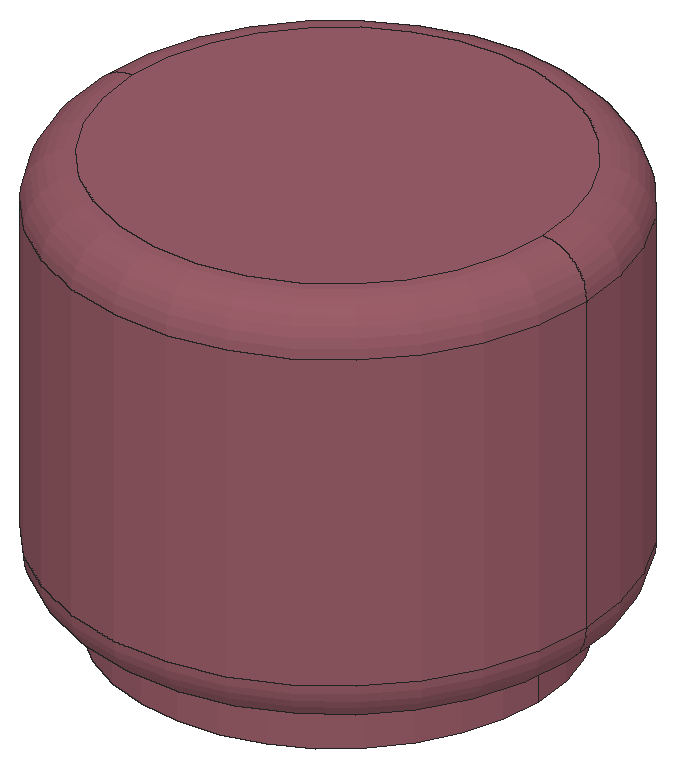
Revit family "FU_Chair_Sandler_Tablet 8-2", category Furniture, Revit 2020
Family settings
  OmniClass Number = 23.21.23.15.17
  Work Plane-Based = Yes
  Always vertical = No
  Cut with Voids When Loaded = No
  Shared = No
  Room Calculation Point = No
Parameters (values of type "TABLET 8.5")
  Youtube clip = ""
  Uniformat II Description = "Movable Furnishings"
  Uniformat II Code = ""
  Uniclass 2015 Name = ""
  Uniclass 2015 Code = ""
  Uniclass 2.0 Description = ""
  Uniclass 2.0 Code = ""
  Uniclass 1.4 Description = ""
  Uniclass 1.4 Code = ""
  UNSPSC Code = ""
  Technical description = ""
  Shell Material [instance] = Fabric - X2 - Subtract AK013
  Region South America = "All"
  Region Oceania = "All"
  Region North America = "All"
  Region Middle East = "All"
  Region Europe = "All"
  Region Asia = "All"
  Region Antarctica = "All"
  Region Africa = "All"
  QR code = "https://www.sandlerseating.com/product/tablet-8-5/"
  Product url = "https://www.sandlerseating.com/product/tablet-8-5/"
  Product name = "TABLET 8.5"
  Product group = "Chair"
  Product family = "Furniture"
  Product data url = "https://www.sandlerseating.com/product/tablet-8-5/"
  Product certification = ""
  Product SKU = "??"
  Product Guid = "??"
  OmniClass Description = ""
  OmniClass Code = "23-21 23 15 17"
  NBS Reference Description = ""
  NBS Reference Code = ""
  Model = "TABLET 8.5"
  Masterformat 2014 Description = "Chair Mats"
  Masterformat 2014 Code = "12 48 43.13"
  Manufacturer name = "Sandler"
  Manufacturer country = "USA"
  Manufacturer = "Sandler"
  Installation instructions = ""
  IFC Classification = "Furnishing Element"
  GTIN code = ""
  Edition number = 1
  Design country = "Brasil"
  Description = "Tablet ottoman with upholstered swivel plinth."
  Default Elevation = 0.000 mm
  Date of publishing = ""
  COBIe Type Category = ""
  Brand url = "https://www.sandlerseating.com/"
  BIMobject main category code = "furniture"
  BIMobject main category = "Furniture"
  BIMobject category code = "furniture-chair"
  BIMobject category = "Chair"
Reference planes
  plane 1 "Center Front/Back": y = 0
  plane 2: z = 0
  plane 3 "Center Left/Right": x = 0
  plane 4: z = 480
  plane 5: z = 45
  plane 6: x = -285
  plane 7: x = 285
  plane 8: y = 285
  plane 9: y = -285
Forms (mm)
  Extrusion 1, solid, material "Fabric - X2 - Subtract AK013" <- "Shell Material"
    sketch origin (0, 0, 800) x (0, -1, 0) y (1, 0, 0)
      loop
        circle (0, 0) r 285.022
    from -755 to -320
  Sweep 2, void
    path in 3D
      loop
        arc (285.022, 0, 480) -> (0, -285.022, 480) -> (-285.022, 0, 480) r 285.022
        arc (-285.022, 0, 480) -> (0, 285.022, 480) -> (285.022, 0, 480) r 285.022
    profile origin (0, 285.022, 480) x (0, 1, 0) y (0, 0, 1)
      loop
        line (0, 0) -> (-50, 0)
        arc (-50, 0) -> (-14.645, -14.645) -> (0, -50) r 50
        line (0, -50) -> (0, 0)
      loop
        line (0, -435) -> (0, -385)
        arc (0, -385) -> (-14.645, -420.355) -> (-50, -435) r 50
        line (-50, -435) -> (0, -435)
  Extrusion 3, solid, material "Fabric - X2 - Subtract AK013" <- "Shell Material"
    sketch origin (0, 0, 800) x (-1, 0, 0) y (0, -1, 0)
      loop
        circle (0, 0) r 230
    from -800 to -755
Cuts and joins
  Sweep 2 cuts Extrusion 1
Lines and regions (mm)
  sketch lines
    curve 1: arc (-285.022, 0, 480) -> (0, 285.022, 480) -> (285.022, 0, 480) r 285.022
    curve 2: arc (285.022, 0, 480) -> (0, -285.022, 480) -> (-285.022, 0, 480) r 285.022
Dimensions and locks
  aligned and locked: level to plane 2
